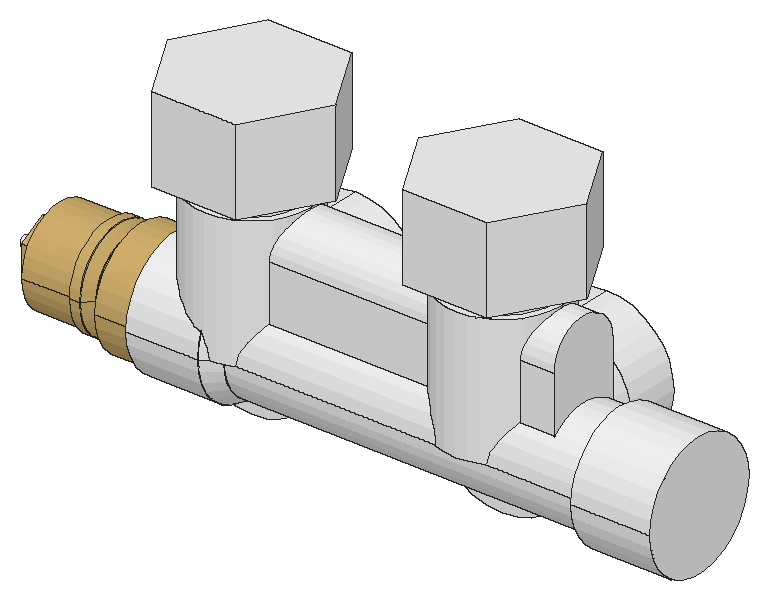
Revit family "VHS-E_Angle_DN15_RFA", category Pipe Accessories, Revit 2019
Family settings
  Round Connector Dimension = Use Diameter
  Part Type = Valve - Breaks Into
  OmniClass Number = 23.65.55.14.17
  OmniClass Title = Adjusting/Controlling Valves for Liquid Services
  Work Plane-Based = No
  Always vertical = Yes
  Cut with Voids When Loaded = No
  Shared = No
Parameters (values of type "VHS-E_Angle_DN15-20_013G4691")
  Weight = 0.70 kg  # constant formula
  W1 = 13.5 mm
  W2 = 26.0 mm
  W [instance] = 40.506 mm
  Valve Body Material = Danfoss Nickel Plated Brass
  URL = "https://store.danfoss.com/en/Climate-Solutions-for-heating/Radiator-Thermostats/Radiator-Valves/VHS-Valves/Fixed-capacity-VHS-valves/c/13835"
  TH1 = H0 + H2 + H3  # 47.3 mm
  TD2 = RV10 * 2  # 26.4 mm
  TD1 = R_nut * 2  # 33.5 mm
  LC2 = 0.0 mm
  LC1 = 50.0 mm
  RV10 = 13.2 mm
  RV9 = 15.0 mm
  RB1 = 11.7 mm
  RV2 = 12.5 mm
  R_nut = 16.75 mm
  RB2 = 10.3 mm
  RV8 = 1.0 mm
  RV7 = 9.5 mm
  RV6 = 10.0 mm
  RV5 = 8.0 mm
  RV4 = 11.45 mm
  RV3 = 12.25 mm
  RV1 = 10.5 mm
  LL5 = 12.0 mm
  Pressure Drop [instance] = 0.0 Pa
  L [instance] = 134.391 mm
  H4 = 17.0 mm
  Model Type = "VHS-E_Angle_DN15-20"  # constant formula
  Model = "013G4691"  # constant formula
  Max Operating Pressure = "10 bar"  # constant formula
  Max Medium Temperature = "120 °C"  # constant formula
  Max Differential Pressure = "0.6 bar"  # constant formula
  Manufacturer = "Danfoss"  # constant formula
  L_EQ = 25.0 mm
  LOD 350 = not(LOD 200)  # yes
  LOD 200 = no
  LL4 = -0.45 mm
  LL3 = 8.1 mm
  LL2 = 22.2 mm
  LL1 = 48.4 mm
  L5_ve = -5.0 mm
  L1__ve = -L1  # -3.0 mm
  L4_ve = -L4  # -3.7 mm
  L4 = 3.7 mm
  L2_ve = -L2  # 0.0 mm
  L2 = 0.0 mm
  L3 = 3.4 mm
  L7_ve = -9.891 mm
  L6_ve = -1.5 mm
  L1 = 3.0 mm
  Kvs = 1.2 m³/h
  IfcExportType = "VHS-E"  # constant formula
  IfcExportAs = "IfcValveType"  # constant formula
  H1 = 26.0 mm
  H6 = 3.6 mm
  H5 = 2.6 mm
  H3 = 3.3 mm
  H2 = 3.0 mm
  H0 = 41.0 mm
  H [instance] = 61.0 mm
  Flow [instance] = 0.0 m³/h
  Description = "Thermostatic H-piece Valve"  # constant formula
  DR = 15 mm
  D = 20.0 mm
  W_nut1 = R_nut * cos(30.00°)  # 14.506 mm
  W_nut2 = 5.196 mm
  LM = 25.0 mm
  HH = 46.0 mm
  Application = "1-pipe system"  # constant formula
Reference planes
  plane 1 "Center (Front/Back)": y = 0
  plane 2 "XYPLANE": z = 0
  plane 3 "Center (Left/Right)": x = 0
  plane 4 "422": x = -25
  plane 5 "421": x = 25
  plane 6 "383": y = 26
  plane 7 "338": y = 0
  plane 8 "337": z = 0
  plane 9 "322": x = -66.591
  plane 10 "315": x = -66.591
  plane 11 "313": x = -63.191
  plane 12 "291": x = -40
  plane 13 "262": z = 46
  plane 14 "248": z = 47.2
  plane 15 "247": z = 43.6
  plane 16 "234": z = 42.7
  plane 17 "217": z = 46
  plane 18 "216": z = 29
  plane 19 "215": z = 26
  plane 20 "209": y = 0
  plane 21 "208": z = 0
  plane 22 "200": y = 0
  plane 23 "199": z = 0
  plane 24 "187": z = 41
  plane 25 "129": x = -37
  plane 26 "122": y = -12.5
  plane 27 "87": z = -12.5
  plane 28 "79": x = 25
  plane 29 "78": x = -70.291
  plane 30 "77": x = -25
  plane 31 "76": z = 0
  plane 32 "44": y = 0
  plane 33 "334XZ": y = 0
  plane 34 "334YZ": z = 0
  plane 35 "204XZ": y = 0
  plane 36 "204YZ": z = 0
  plane 37 "198XZ": y = 0
  plane 38 "198YZ": z = 0
  plane 39: y = -29
  plane 40: x = 8
  plane 41: x = -8
  plane 42: x = 48.4
  plane 43: x = -22.2
  plane 44: x = -25.8
  plane 45: y = 13.5
  plane 46: z = -15
Forms (mm)
  Extrusion 1, solid, material "Danfoss Nickel Plated Brass" <- "Valve Body Material", detail levels fine
    sketch origin (750, 18, 0) x (-1, 0, 0) y (0, 0, 1)
      loop
        circle (725, 0) r 15
    from -4.5 to -18
  Extrusion 2, solid, material "Danfoss Nickel Plated Brass" <- "Valve Body Material", detail levels fine
    sketch origin (750, 26, 0) x (-1, 0, 0) y (0, 0, 1)
      loop
        circle (725, 0) r 13.2
    from 0 to -12.5
  Extrusion 3, solid, material "Danfoss Nickel Plated Brass" <- "Valve Body Material", detail levels fine
    sketch origin (750, 18, 0) x (-1, 0, 0) y (0, 0, 1)
      loop
        circle (775, 0) r 15
    from -4.5 to -18
  Extrusion 4, solid, material "Danfoss Nickel Plated Brass" <- "Valve Body Material", detail levels fine
    sketch origin (750, 26, 0) x (-1, 0, 0) y (0, 0, 1)
      loop
        circle (775, 0) r 13.2
    from 0 to -12.5
  Extrusion 5, solid, material "Danfoss Nickel Plated Brass" <- "Valve Body Material", detail levels fine
    sketch origin (-66.591, -750, 0) x (0, 1, 0) y (0, 0, 1)
      loop
        circle (750, 0) r 1
    from 0 to -3.7 <- "L4_ve"
  Extrusion 6, solid, material "Danfoss Brass", visible <- "LOD 350", detail levels fine
    sketch origin (-66.591, -750, 0) x (0, 1, 0) y (0, 0, 1)
      loop
        line (750, 6) -> (744.804, 3) -> (744.804, -3) -> (750, -6) -> (755.196, -3) -> (755.196, 3) -> (750, 6)
    from 3.4 to 0 <- "L2_ve"
  Extrusion 7, solid, material "Danfoss Brass", visible <- "LOD 350", detail levels fine
    sketch origin (-51.8, -750, 0) x (0, 1, 0) y (0, 0, 1)
      loop
        circle (750, 0) r 10
    from 0.522 to -1.5 <- "L6_ve"
  Blend 8, solid, material "Danfoss Brass", visible <- "LOD 350", detail levels fine
    base sketch origin (-49.8, -750, 0) x (0, 1, 0) y (0, 0, 1)
      loop
        circle (750, 0) r 8
    top sketch origin (-49.8, -750, 0) x (0, 1, 0) y (0, 0, 1)
      loop
        circle (750, 0) r 10
    from 0.15 to -1.478
  Extrusion 9, solid, material "Danfoss Brass", visible <- "LOD 350", detail levels fine
    sketch origin (-49.2, -750, 0) x (0, 1, 0) y (0, 0, 1)
      loop
        circle (750, 0) r 8
    from 2.2 to -0.45 <- "LL4"
  Extrusion 10, solid, material "Danfoss Brass", visible <- "LOD 350", detail levels fine
    sketch origin (-53.3, -750, 0) x (0, 1, 0) y (0, 0, 1)
      loop
        circle (750, 0) r 9.5
    from 0 to -9.891 <- "L7_ve"
  Extrusion 11, solid, material "Danfoss Nickel Plated Brass" <- "Valve Body Material", visible <- "LOD 350", detail levels fine
    sketch origin (-750, 0, 26) x (1, 0, 0) y (0, 1, 0)
      loop
        circle (775, 0) r 10.3
    from 0 to 3 <- "H2"
  Extrusion 12, solid, material "Danfoss Nickel Plated Brass" <- "Valve Body Material", visible <- "LOD 350", detail levels fine
    sketch origin (-750, 0, 26) x (1, 0, 0) y (0, 1, 0)
      loop
        circle (725, 0) r 10.3
    from 0 to 3 <- "H2"
  Extrusion 13, solid, material "Danfoss Brass", visible <- "LOD 350", detail levels fine
    sketch origin (-42, -750, 0) x (0, 1, 0) y (0, 0, 1)
      loop
        circle (750, 0) r 11.45
    from 2 to -5 <- "L5_ve"
  Extrusion 14, solid, material "Danfoss Nickel Plated Brass" <- "Valve Body Material", detail levels fine
    sketch origin (56, -750, 0) x (0, 1, 0) y (0, 0, 1)
      loop
        circle (750, 0) r 12.25
    from -7.6 to 8.1 <- "LL3"
  Extrusion 15, solid, material "Danfoss Nickel Plated Brass" <- "Valve Body Material", visible <- "LOD 350", detail levels fine
    sketch origin (-37, -750, 0) x (0, 1, 0) y (0, 0, 1)
      loop
        circle (750, 0) r 12.5
    from 11.2 to -3 <- "L1__ve"
  Extrusion 16, solid, material "Danfoss Nickel Plated Brass" <- "Valve Body Material", visible <- "LOD 350", detail levels fine
    sketch origin (-750, 0, 0) x (1, 0, 0) y (0, 1, 0)
      loop
        circle (775, 0) r 11.7
    from 0 to 26 <- "H1"
  Extrusion 17, solid, material "Danfoss Nickel Plated Brass" <- "Valve Body Material", visible <- "LOD 350", detail levels fine
    sketch origin (-750, 0, 29) x (1, 0, 0) y (0, 1, 0)
      loop
        line (766.625, 14.506) -> (758.25, 0) -> (766.625, -14.506) -> (783.375, -14.506) -> (791.75, 0) -> (783.375, 14.506) -> (766.625, 14.506)
    from 0 to 17 <- "H4"
  Extrusion 18, solid, material "Danfoss Nickel Plated Brass" <- "Valve Body Material", visible <- "LOD 350", detail levels fine
    sketch origin (-750, 0, 0) x (1, 0, 0) y (0, 1, 0)
      loop
        circle (725, 0) r 11.7
    from 0 to 26 <- "H1"
  Extrusion 19, solid, material "Danfoss Nickel Plated Brass" <- "Valve Body Material", visible <- "LOD 350", detail levels fine
    sketch origin (-750, 0, 29) x (1, 0, 0) y (0, 1, 0)
      loop
        line (716.625, 14.506) -> (708.25, 0) -> (716.625, -14.506) -> (733.375, -14.506) -> (741.75, 0) -> (733.375, 14.506) -> (716.625, 14.506)
    from 0 to 17 <- "H4"
  Extrusion 20, solid, material "Danfoss Nickel Plated Brass" <- "Valve Body Material", detail levels fine
    sketch origin (-37, -750, 0) x (0, 1, 0) y (0, 0, 1)
      loop
        circle (750, 0) r 10.5
    from 14.8 to 85.4
  Extrusion 21, solid, material "Danfoss Nickel Plated Brass" <- "Valve Body Material", visible <- "LOD 200", detail levels fine
    sketch origin (-750, 0, 29) x (1, 0, 0) y (0, 1, 0)
      loop
        circle (775, 0) r 16.75
      loop
        circle (725, 0) r 16.75
    from 0 to 17
  Extrusion 22, solid, material "Danfoss Nickel Plated Brass" <- "Valve Body Material", visible <- "LOD 350", detail levels fine
    sketch origin (-37, -750, 0) x (0, 1, 0) y (0, 0, 1)
      loop
        line (742.747, 0) -> (757.253, 0) -> (757.253, 18.527)
        arc (757.253, 18.527) -> (750, 25.78) -> (742.747, 18.527) r 7.253
        line (742.747, 18.527) -> (742.747, 0)
    from 12 to 78.121
  Blend 23, solid, material "Danfoss Nickel Plated Brass" <- "Valve Body Material", visible <- "LOD 350", detail levels fine
    base sketch origin (-66.591, -750, 0) x (0, 1, 0) y (0, 0, 1)
      loop
        circle (750, 0) r 10.5
    top sketch origin (-66.591, -750, 0) x (0, 1, 0) y (0, 0, 1)
      loop
        circle (750, 0) r 12.5
    from 44.391 to 40.791
  Extrusion 24, solid, material "Danfoss Nickel Plated Brass" <- "Valve Body Material", visible <- "LOD 200", detail levels fine
    sketch origin (-750, 0, 29) x (1, 0, 0) y (0, 1, 0)
      loop
        circle (725, 0) r 11.7
      loop
        circle (775, 0) r 11.7
    from -29 to 0
  Extrusion 25, solid, material "Danfoss Nickel Plated Brass" <- "Valve Body Material", visible <- "LOD 200", detail levels fine
    sketch origin (-66.591, -750, 0) x (0, 1, 0) y (0, 0, 1)
      loop
        circle (750, 0) r 12.5
    from 26.591 to 44.391
  Revolve 26, solid, material "Danfoss Brass", visible <- "LOD 200", detail levels fine
    sketch origin (0, 0, 0) x (1, 0, 0) y (0, 0, 1)
      loop
        line (-66.591, 0) -> (-40, 0) -> (-40, 11.45) -> (-47, 11.45) -> (-47, 9.5) -> (-66.591, 9.5) -> (-66.591, 0)
      axis (-66.591, 0) -> (-40, 0)
    angle from 0 to 360
Lines and regions (mm)
  reference lines, not visible
    curve 1: circle (2, 2, 0) r 1 normal (0, 0, 1)
  reference lines
    curve 2: line (-66.591, 0, 0) -> (-66.591, 2.598, -1.5)
    curve 3: line (-66.591, 0, 0) -> (-66.591, 0, -3)
    curve 4: line (-66.591, 0, 0) -> (-66.591, -2.598, -1.5)
    curve 5: line (25, 0, 29) -> (33.375, 0, 29)
    curve 6: line (25, 0, 29) -> (29.187, -7.253, 29)
    curve 7: line (25, 0, 29) -> (20.813, -7.253, 29)
    curve 8: line (-25, 0, 29) -> (-16.625, 0, 29)
    curve 9: line (-25, 0, 29) -> (-20.812, -7.253, 29)
    curve 10: line (-25, 0, 29) -> (-29.187, -7.253, 29)
Dimensions and locks
  plane 1 "Center (Front/Back)" to curve 1 = 2.0 mm
  "LC2": plane 30 "77" to plane 4 "422"
  "LC1": plane 30 "77" to plane 5 "421"
  "W2": plane 1 "Center (Front/Back)" to plane 6 "383"
  locked: plane 32 "44" to plane 7 "338"
  locked: plane 31 "76" to plane 8 "337"
  "L2": plane 10 "315" to plane 9 "322"
  "L3": plane 11 "313" to plane 10 "315"
  "L1": plane 25 "129" to plane 12 "291"
  "HH": plane 2 "XYPLANE" to plane 13 "262"
  "H6": plane 15 "247" to plane 14 "248"
  "H5": plane 24 "187" to plane 15 "247"
  "H3": plane 16 "234" to plane 17 "217"
  "H4": plane 18 "216" to plane 17 "217"
  "H2": plane 19 "215" to plane 18 "216"
  "H1": plane 31 "76" to plane 19 "215"
  locked: plane 32 "44" to plane 20 "209"
  locked: plane 31 "76" to plane 21 "208"
  locked: plane 32 "44" to plane 22 "200"
  locked: plane 31 "76" to plane 23 "199"
  "H0": plane 2 "XYPLANE" to plane 24 "187"
  "LL5": plane 30 "77" to plane 25 "129"
  "RV2": plane 1 "Center (Front/Back)" to plane 26 "122"
  "RV2": plane 2 "XYPLANE" to plane 27 "87"
  "LM": plane 3 "Center (Left/Right)" to plane 28 "79"
  "L4": plane 9 "322" to plane 29 "78"
  "LM": plane 3 "Center (Left/Right)" to plane 30 "77"
  locked: plane 2 "XYPLANE" to plane 31 "76"
  locked: plane 1 "Center (Front/Back)" to plane 32 "44"
  "W_nut2": curve 2 to Extrusion 6 sketch curve  (x2)
  "W_nut2": curve 3 to Extrusion 6 sketch curve  (x2)
  "W_nut2": curve 4 to Extrusion 6 sketch curve  (x2)
  Extrusion 6 sketch curve to Extrusion 6 sketch curve = 0.0 mm  (x12)
  "W_nut1": curve 5 to Extrusion 17 sketch curve  (x2)
  "W_nut1": curve 6 to Extrusion 17 sketch curve  (x2)
  "W_nut1": curve 7 to Extrusion 17 sketch curve  (x2)
  Extrusion 17 sketch curve to Extrusion 17 sketch curve = 0.0 mm  (x12)
  "W_nut1": curve 8 to Extrusion 19 sketch curve  (x2)
  "W_nut1": curve 9 to Extrusion 19 sketch curve  (x2)
  "W_nut1": curve 10 to Extrusion 19 sketch curve  (x2)
  Extrusion 19 sketch curve to Extrusion 19 sketch curve = 0.0 mm  (x12)
  "W2": plane 6 "383" to plane 37 "198XZ"
  "L_EQ": plane 3 "Center (Left/Right)" to plane 28 "79"
  "L_EQ": plane 30 "77" to plane 3 "Center (Left/Right)"
  equal spacing: Extrusion 22 sketch curve, plane 37 "198XZ", Extrusion 22 sketch curve
  "LL1": plane 42 to plane 3 "Center (Left/Right)"
  "LL2": plane 3 "Center (Left/Right)" to plane 43
  locked: plane 44 to plane 43 at 3.6
  "W1": plane 45 to plane 1 "Center (Front/Back)"
  "RV4": Revolve 26 sketch curve to level
  "RV7": Revolve 26 sketch curve to level
  "RV9": level to plane 46
  "H": Extrusion 21 to plane 46
  "L": Extrusion 5 to Extrusion 14
  "W": Extrusion 4 to Extrusion 19
  "RV9": radius of Extrusion 1 sketch curve
  "RV10": radius of Extrusion 2 sketch curve
  "RV9": radius of Extrusion 3 sketch curve
  "RV10": radius of Extrusion 4 sketch curve
  "RV8": radius of Extrusion 5 sketch curve
  "RV6": radius of Extrusion 7 sketch curve
  "RV6": radius of Blend 8 sketch curve
  "RV5": radius of Blend 8 sketch curve
  "RV5": radius of Extrusion 9 sketch curve
  "RV7": radius of Extrusion 10 sketch curve
  "RB2": radius of Extrusion 11 sketch curve
  "RB2": radius of Extrusion 12 sketch curve
  "RV4": radius of Extrusion 13 sketch curve
  "RV3": radius of Extrusion 14 sketch curve
  "RV2": radius of Extrusion 15 sketch curve
  "RB1": radius of Extrusion 16 sketch curve
  "RB1": radius of Extrusion 18 sketch curve
  "RV1": radius of Extrusion 20 sketch curve
  "R_nut": radius of Extrusion 21 sketch curve  (x2)
  "RV1": radius of Blend 23 sketch curve
  "RV2": radius of Blend 23 sketch curve
  "RB1": radius of Extrusion 24 sketch curve  (x2)
  "RV2": radius of Extrusion 25 sketch curve
  locked: curve 3 to curve 2 (angle 60.00°)
  locked: curve 4 to curve 3 (angle 60.00°)
  locked: curve 4 to curve 2 (angle 120.00°)
  locked: curve 6 to curve 5 (angle 60.00°)
  locked: curve 7 to curve 6 (angle 60.00°)
  locked: curve 7 to curve 5 (angle 120.00°)
  locked: curve 9 to curve 8 (angle 60.00°)
  locked: curve 10 to curve 9 (angle 60.00°)
  locked: curve 10 to curve 8 (angle 120.00°)
  aligned and locked: level to plane 2 "XYPLANE"
  aligned and locked: Extrusion 1 sketch curve to plane 28 "79"
  aligned and locked: plane 31 "76" to Extrusion 1 sketch curve
  aligned and locked: Extrusion 2 sketch curve to plane 28 "79"
  aligned and locked: plane 31 "76" to Extrusion 2 sketch curve
  aligned and locked: Extrusion 3 sketch curve to plane 30 "77"
  aligned and locked: plane 31 "76" to Extrusion 3 sketch curve
  aligned and locked: Extrusion 4 sketch curve to plane 30 "77"
  aligned and locked: plane 31 "76" to Extrusion 4 sketch curve
  aligned and locked: plane 31 "76" to Extrusion 5 sketch curve
  aligned and locked: Extrusion 5 sketch curve to plane 32 "44"
  aligned and locked: plane 31 "76" to curve 4
  aligned and locked: curve 4 to plane 32 "44"
  aligned and locked: plane 31 "76" to Extrusion 7 sketch curve
  aligned and locked: Extrusion 7 sketch curve to plane 32 "44"
  aligned and locked: plane 31 "76" to Blend 8 sketch curve  (x2)
  aligned and locked: Blend 8 sketch curve to plane 32 "44"  (x2)
  aligned and locked: plane 31 "76" to Extrusion 9 sketch curve
  aligned and locked: Extrusion 9 sketch curve to plane 32 "44"
  aligned and locked: plane 31 "76" to Extrusion 10 sketch curve
  aligned and locked: Extrusion 10 sketch curve to plane 32 "44"
  aligned and locked: plane 28 "79" to Extrusion 11 sketch curve
  aligned and locked: plane 32 "44" to Extrusion 11 sketch curve
  aligned and locked: plane 30 "77" to Extrusion 12 sketch curve
  aligned and locked: plane 32 "44" to Extrusion 12 sketch curve
  aligned and locked: plane 31 "76" to Extrusion 13 sketch curve
  aligned and locked: Extrusion 13 sketch curve to plane 32 "44"
  aligned and locked: plane 31 "76" to Extrusion 14 sketch curve
  aligned and locked: Extrusion 14 sketch curve to plane 32 "44"
  aligned and locked: plane 31 "76" to Extrusion 15 sketch curve
  aligned and locked: Extrusion 15 sketch curve to plane 32 "44"
  aligned and locked: plane 28 "79" to Extrusion 16 sketch curve
  aligned and locked: plane 32 "44" to Extrusion 16 sketch curve
  aligned and locked: plane 28 "79" to curve 7
  aligned and locked: plane 32 "44" to curve 7
  aligned and locked: plane 30 "77" to Extrusion 18 sketch curve
  aligned and locked: plane 32 "44" to Extrusion 18 sketch curve
  aligned and locked: plane 30 "77" to curve 9
  aligned and locked: plane 32 "44" to curve 9
  aligned and locked: plane 31 "76" to Extrusion 20 sketch curve
  aligned and locked: Extrusion 20 sketch curve to plane 32 "44"
  aligned and locked: nested 1 to plane 6 "383"
  aligned and locked: plane 3 "Center (Left/Right)" to nested 1
  aligned and locked: nested 1 to level
  aligned and locked: nested 1 to plane 37 "198XZ"
  aligned and locked: Extrusion 6 to plane 11 "313"
  aligned and locked: Extrusion 6 to plane 10 "315"
  aligned and locked: Extrusion 13 to plane 12 "291"
  aligned and locked: Extrusion 9 to Extrusion 13
  aligned and locked: plane 6 "383" to Extrusion 4
  aligned and locked: Extrusion 22 sketch curve to level
  aligned and locked: Extrusion 20 to plane 42
  aligned and locked: Extrusion 20 to plane 43
  aligned and locked: Extrusion 15 to plane 44
  aligned and locked: Blend 23 to plane 44
  aligned and locked: Blend 23 to plane 43
  aligned and locked: Extrusion 14 to plane 42
  aligned and locked: Blend 8 to Extrusion 9
  aligned and locked: Blend 8 to Extrusion 7
  aligned and locked: Extrusion 10 to Extrusion 7
  aligned and locked: plane 1 "Center (Front/Back)" to Extrusion 3
  aligned and locked: Extrusion 3 to plane 45
  aligned and locked: plane 1 "Center (Front/Back)" to Extrusion 1
  aligned and locked: Extrusion 1 to plane 45
  aligned and locked: Extrusion 4 to plane 45
  aligned and locked: plane 6 "383" to Extrusion 2
  aligned and locked: Extrusion 2 to plane 45
  aligned and locked: plane 17 "217" to Extrusion 21
  aligned and locked: Extrusion 22 to plane 30 "77"
  aligned and locked: Extrusion 24 to level
  aligned and locked: plane 18 "216" to Extrusion 24
  aligned and locked: plane 1 "Center (Front/Back)" to Extrusion 25 sketch curve
  aligned and locked: level to Extrusion 25 sketch curve
  aligned and locked: Extrusion 25 to plane 12 "291"
  aligned and locked: Extrusion 25 to plane 43
  aligned and locked: level to Revolve 26 sketch curve  (x2)
  aligned and locked: Extrusion 25 to Revolve 26 sketch curve
  aligned and locked: Revolve 26 sketch curve to Extrusion 13
  aligned and locked: plane 10 "315" to Revolve 26 sketch curve
Automatic sketch dimensions
  plane 3 "Center (Left/Right)" to curve 1 = 2.0 mm
  plane 26 "122" to Extrusion 22 sketch curve = 5.247 mm
  Extrusion 22 sketch curve to plane 19 "215" = 7.473 mm
  plane 1 "Center (Front/Back)" to Extrusion 21 sketch curve = 0.0 mm  (x2)
  Extrusion 21 sketch curve to plane 4 "422" = 0.0 mm
  Extrusion 21 sketch curve to plane 5 "421" = 0.0 mm
  Blend 23 sketch curve to level = 0.0 mm  (x2)
  Blend 23 sketch curve to plane 1 "Center (Front/Back)" = 0.0 mm  (x2)
  plane 1 "Center (Front/Back)" to Extrusion 24 sketch curve = 0.0 mm  (x2)
  Extrusion 24 sketch curve to plane 4 "422" = 0.0 mm
  Extrusion 24 sketch curve to plane 5 "421" = 0.0 mm
  Revolve 26 sketch curve to plane 29 "78" = 1281.7 mm
  Revolve 26 sketch curve to plane 42 = 1850.583 mm
  radius of curve 1 = 1.0 mm
Nested families
  nested 1: "Schematic_H-piece Valve Angle" at (0, 0, 0), type "Schematic_H-piece Valve Angle", detail levels coarse+medium
Connectors
  piping at (-25, 26, 0), diameter 20, driven by "D", driven by "Flow"
    settings: on Extrusion 4, index 4, connector inside diameter 609.6 mm, connector length 0.0 mm, flow factor 0, pipe flow 0.0 m³/h, pressure drop 0.0 Pa, fitting loss kfactor 0, connector angle 0.00°, fixture units 0, engagement length 0.0 mm, angle of deflection 0.00°, flow configuration 0, flow direction 1, fitting loss method 0, system type 29, joint type 0, gender type 0, connector reference index 6, connector utility 0, adjustable connector no, is connector primary yes, connector description ""
  piping at (25, 26, 0), diameter 20, driven by "D", driven by "Flow"
    settings: on Extrusion 2, index 5, connector inside diameter 609.6 mm, connector length 0.0 mm, flow factor 0, pipe flow 0.0 m³/h, pressure drop 0.0 Pa, fitting loss kfactor 0, connector angle 0.00°, fixture units 0, engagement length 0.0 mm, angle of deflection 0.00°, flow configuration 0, flow direction 2, fitting loss method 0, system type 29, joint type 0, gender type 0, connector reference index 7, connector utility 0, adjustable connector no, is connector primary no, connector description ""
  piping at (-25, 0, 46), diameter 15, driven by "DR", driven by "Flow"
    settings: on Extrusion 19, index 6, connector inside diameter 609.6 mm, connector length 0.0 mm, flow factor 0, pipe flow 0.0 m³/h, pressure drop 0.0 Pa, fitting loss kfactor 0, connector angle 0.00°, fixture units 0, engagement length 0.0 mm, angle of deflection 0.00°, flow configuration 0, flow direction 2, fitting loss method 0, system type 29, joint type 0, gender type 0, connector reference index 4, connector utility 0, adjustable connector no, is connector primary no, connector description ""
  piping at (25, 0, 46), diameter 15, driven by "DR", driven by "Flow"
    settings: on Extrusion 17, index 7, connector inside diameter 609.6 mm, connector length 0.0 mm, flow factor 0, pipe flow 0.0 m³/h, pressure drop 0.0 Pa, fitting loss kfactor 0, connector angle 0.00°, fixture units 0, engagement length 0.0 mm, angle of deflection 0.00°, flow configuration 0, flow direction 1, fitting loss method 0, system type 29, joint type 0, gender type 0, connector reference index 5, connector utility 0, adjustable connector no, is connector primary no, connector description ""
Definition of nested family "Schematic_H-piece Valve Angle"
  Parameters (values of type "Schematic_H-piece Valve with Pressure Controller_Angle")
    W1 = 26.0 mm
    L_EQ = 25.0 mm
    L1 = D / 4  # 8.375 mm
    L = 53.0 mm
    H1 = 49.3 mm
    D2 = 26.4 mm
    D = 33.5 mm
  Reference planes
    plane 1 "Center (Front/Back)": y = 0
    plane 2: z = 0
    plane 3 "Center (Left/Right)": x = 0
    plane 4 "Centre/Right": x = 25
    plane 5 "Centre/Left": x = -25
    plane 6 "D_1": x = -41.75
    plane 7 "M1": x = 8.25
    plane 8 "D": x = 41.75
    plane 9 "M2": x = -8.25
    plane 10: z = -13.2
    plane 11: z = 49.3
    plane 12: z = 13.2
    plane 13: z = -13.2
    plane 14 "H1": x = 50.125
    plane 15 "H1_1": x = -50.125
    plane 16: y = 16.75
    plane 17: y = -16.75
    plane 18: y = 26
    plane 19 "Cente controller R": x = 53
    plane 20 "Centre Controller L": x = -53
    plane 21: y = -26
  Lines and regions (mm)
    model lines
      curve 1: line (25, 0, 0) -> (25, -16.75, 49.3)
      curve 2: line (25, -16.75, 49.3) -> (25, 16.75, 49.3)
      curve 3: line (25, 16.75, 49.3) -> (25, 0, 0)
      curve 4: line (-25, 16.75, 49.3) -> (-25, 0, 0)
      curve 5: line (-25, -16.75, 49.3) -> (-25, 16.75, 49.3)
      curve 6: line (-25, 0, 0) -> (-25, -16.75, 49.3)
      curve 7: line (25, 0, 0) -> (25, 26, 13.2)
      curve 8: line (25, 26, 13.2) -> (25, 26, -13.2)
      curve 9: line (25, 26, -13.2) -> (25, 0, 0)
      curve 10: line (-25, 0, 0) -> (-25, 26, 13.2)
      curve 11: line (-25, 26, 13.2) -> (-25, 26, -13.2)
      curve 12: line (-25, 26, -13.2) -> (-25, 0, 0)
    symbolic lines
      curve 13: line (8.25, 0, 49.3) -> (25, 0, 0)
      curve 14: line (41.75, 0, 49.3) -> (25, 0, 0)
      curve 15: line (41.75, 0, 49.3) -> (8.25, 0, 49.3)
      curve 16: line (-41.75, 0, 49.3) -> (-25, 0, 0)
      curve 17: line (-25, 0, 0) -> (-8.25, 0, 49.3)
      curve 18: line (-8.25, 0, 49.3) -> (-41.75, 0, 49.3)
      curve 19: line (-25, 0, 0) -> (-41.75, 26, 0)
      curve 20: line (-41.75, 26, 0) -> (-8.25, 26, 0)
      curve 21: line (-8.25, 26, 0) -> (-25, 0, 0)
      curve 22: line (25, 0, 0) -> (8.25, 26, 0)
      curve 23: line (8.25, 26, 0) -> (41.75, 26, 0)
      curve 24: line (41.75, 26, 0) -> (25, 0, 0)
  Dimensions and locks
    "D": plane 8 "D" to plane 7 "M1"
    equal spacing: plane 8 "D", plane 4 "Centre/Right", plane 7 "M1"
    "D": plane 9 "M2" to plane 6 "D_1"
    equal spacing: plane 9 "M2", plane 5 "Centre/Left", plane 6 "D_1"
    "L1": plane 14 "H1" to plane 8 "D"
    "L1": plane 6 "D_1" to plane 15 "H1_1"
    "D": plane 17 to plane 16
    equal spacing: plane 17, plane 1 "Center (Front/Back)", plane 16
    plane 17 to plane 16 = 33.5 mm
    "W1": plane 1 "Center (Front/Back)" to plane 18
    "D2": plane 12 to plane 13
    plane 12 to level to plane 13 = 13.2 mm, 13.2 mm
    "H1": plane 11 to level
    "D2": plane 12 to plane 10
    equal spacing: plane 12, level, plane 13
    "L": plane 19 "Cente controller R" to plane 3 "Center (Left/Right)"
    "L": plane 3 "Center (Left/Right)" to plane 20 "Centre Controller L"
    "W1": plane 21 to plane 1 "Center (Front/Back)"
    "L_EQ": plane 4 "Centre/Right" to plane 3 "Center (Left/Right)"
    "L_EQ": plane 3 "Center (Left/Right)" to plane 5 "Centre/Left"
    "L_EQ": plane 3 "Center (Left/Right)" to plane 4 "Centre/Right"
    "L_EQ": plane 5 "Centre/Left" to plane 3 "Center (Left/Right)"
    aligned and locked: level to plane 2
    aligned and locked: curve 2 to plane 11
    aligned and locked: curve 4 to curve 3
    aligned and locked: curve 5 to curve 2
    aligned and locked: curve 6 to curve 1
    aligned and locked: plane 18 to curve 8
    aligned and locked: curve 11 to plane 18
  Automatic sketch dimensions
    curve 22 to plane 4 "Centre/Right" = 0.0 mm
    curve 23 to plane 8 "D" = 0.0 mm
    curve 16 to plane 6 "D_1" = 0.0 mm
    curve 17 to plane 9 "M2" = 0.0 mm
    curve 15 to plane 8 "D" = 0.0 mm
    curve 13 to plane 7 "M1" = 0.0 mm
    curve 13 to plane 4 "Centre/Right" = 0.0 mm
    curve 14 to level = 0.0 mm
    curve 15 to plane 11 = 0.0 mm
    curve 16 to level = 0.0 mm
    curve 17 to plane 5 "Centre/Left" = 0.0 mm
    curve 16 to plane 11 = 0.0 mm
    curve 20 to plane 6 "D_1" = 0.0 mm
    curve 20 to plane 9 "M2" = 0.0 mm
    plane 1 "Center (Front/Back)" to curve 21 = 0.0 mm
    curve 21 to plane 5 "Centre/Left" = 0.0 mm
    curve 22 to plane 7 "M1" = 0.0 mm
    plane 1 "Center (Front/Back)" to curve 24 = 0.0 mm
    plane 18 to curve 21 = 0.0 mm
    plane 18 to curve 22 = 0.0 mm
    curve 11 to plane 10 = 0.0 mm
    curve 10 to plane 12 = 0.0 mm
    curve 2 to plane 17 = 0.0 mm
    curve 7 to plane 1 "Center (Front/Back)" = 0.0 mm
    curve 3 to plane 16 = 0.0 mm
    curve 8 to plane 10 = 0.0 mm
    curve 7 to plane 12 = 0.0 mm
    curve 3 to level = 0.0 mm
